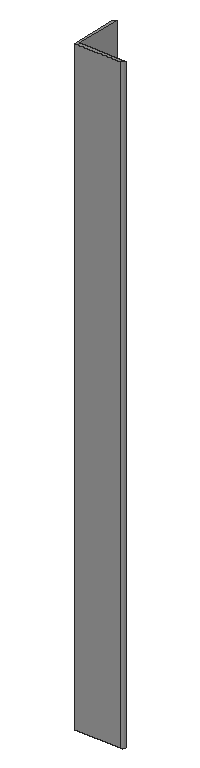
Revit family "AQUA ARETA 75", category Equipement spécialisé, Revit 2017
Family settings
  Hôte = Sol
  Cote de connecteur circulaire = Utiliser le diamètre
  Type d'élément = Normal
  Toujours verticalement = Oui
  Couper avec des vides une fois chargée = Non
  Partagée = Non
  Point de calcul de pièce = Non
Parameters
  ht du sol [instance] = 100 mm
  ht de la protection d'angle [instance] = 1000 mm
  couleur [instance] = CS-France blanche neige 9003
  Modèle = "Aqua Areta"
  Image du type = imag aqua areta.jpg
  Fabricant = "CS-FRANCE"
  Description = "Le modèle Aqua Areta 50 est fabriqué en Acrovyn® Color, Acrovyn® Bois ou Acrovyn® Métal.\r\nPose rapide et simple avec colle en cartouche ou adhésif double face."
  Commentaires du type = "Protection d’angle à coller en Acrovyn® 40 couleurs de largeur 30mm, 50mm ou 75mm."
Reference planes
  plane 1 "Centre (avant/arrière)": y = 0
  plane 2: z = 0
  plane 3 "Centre (gauche/droite)": x = 0
  plane 4: x = 75
  plane 5: y = 75
  plane 6: z = 100
  plane 7: z = 1100
Forms (mm)
  Extrusion 1, solid, material "CS-France blanche neige 9003" <- "couleur"
    sketch origin (0, 0, 0) x (1, 0, 0) y (0, 1, 0)
      loop
        line (-4, 71) -> (-4, -4) -> (71, -4)
        arc (71, -4) -> (73.828, -2.828) -> (75, 0) r 4
        line (75, 0) -> (0, 0) -> (0, 75)
        arc (0, 75) -> (-2.828, 73.828) -> (-4, 71) r 4
    from 100 to 1100
Dimensions and locks
  plane 3 "Centre (gauche/droite)" to plane 4 = 75 mm
  plane 5 to Extrusion 1 = 75 mm
  "ht du sol": plane 6 to plane 2
  "ht de la protection d'angle": plane 7 to plane 6
  aligned and locked: level to plane 2
  aligned and locked: plane 6 to Extrusion 1
  aligned and locked: Extrusion 1 to plane 7
Automatic sketch dimensions
  Extrusion 1 sketch curve to plane 3 "Centre (gauche/droite)" = 0 mm
  plane 1 "Centre (avant/arrière)" to Extrusion 1 sketch curve = 0 mm
  Extrusion 1 sketch curve to plane 4 = 0 mm
  Extrusion 1 sketch curve to plane 5 = 0 mm
  Extrusion 1 sketch curve to plane 3 "Centre (gauche/droite)" = 4 mm
  plane 1 "Centre (avant/arrière)" to Extrusion 1 sketch curve = 4 mm
